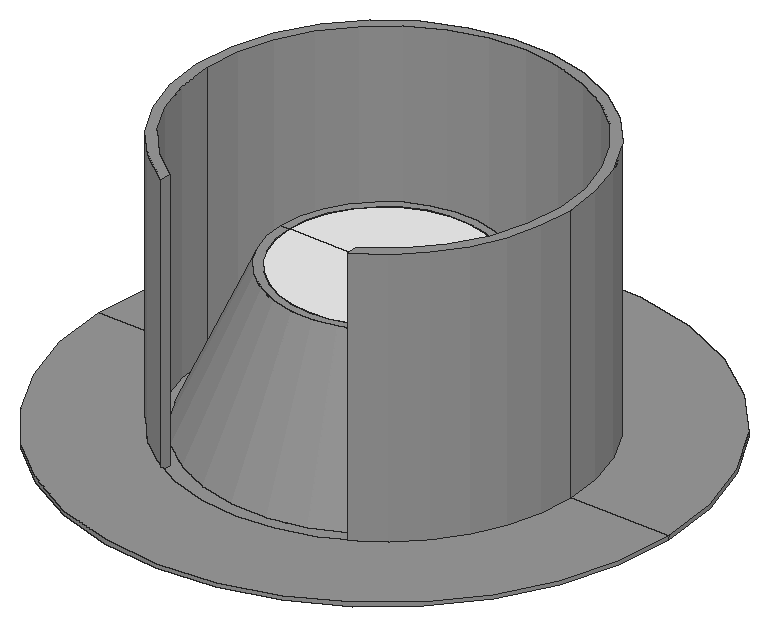
Revit family "Artemide_Tagora_Recessed_80", category Apparecchi per illuminazione, Revit 2018
Family settings
  Quota connettore circolare = Usa diametro
  Tipo di parte = Normale
  Basato su piano di lavoro = Sì
  Sempre verticale = Sì
  Taglio con vuoti quando caricato = Sì
  Sorgente d'illuminazione = Sì
  Condiviso = No
  Punto di calcolo locali = No
Parameters
  Wattage = 14 W
  built-in parameter 1150110 = 1 (stored number, unit not read)
  Voltage = "-"
  built-in parameter 1114217 = 1 (stored number, unit not read)
  Tilt Angle = 90.00°
  built-in parameter 1150109 = 1 (stored number, unit not read)
  built-in parameter 1150134 = (empty or 0)
  built-in parameter 1150113 = 1 (stored number, unit not read)
  Product Range = "Tagora"
  File diagramma fotometrico = "AB00216.IES"
  Max Height from ceiling = 0 mm
  M_Housing = Artemide_Aluminum_Orange
  M_Fixings = Artemide_Aluminum_Anodized
  M_Diffuser = Artemide_Glass_LightBulb
  built-in parameter 1150105 = 88.391 (stored number, unit not read)
  Lumens = 1110.76 lm
  built-in parameter 1150115 = 1 (stored number, unit not read)
  built-in parameter 1150137 = (empty or 0)
  built-in parameter 1150139 = (empty or 0)
  built-in parameter 1150112 = 1 (stored number, unit not read)
  built-in parameter 1150114 = 1 (stored number, unit not read)
  built-in parameter 1150132 = (empty or 0)
  built-in parameter 1150102 = (empty or 0)
  built-in parameter 1150107 = 3000 (stored number, unit not read)
  built-in parameter 1150138 = (empty or 0)
  built-in parameter 1150106 = 0.88391 (stored number, unit not read)
  IfcExportType = "NOT DEFINED"  # constant formula
  IfcExportAs = "IfcLightFixtureType"  # constant formula
  Weekly = "-"
  Warranty ID = "https://cloud.artemide.com/5-years-warranty"
  Upward Component  = 0
  Unified Glare Rating  = "-"
  Uniclass 2015 = "Pr_70_70_48"  # constant formula
  URL to O&M Manual = "https://www.artemide.com/contents/documenti/prodotto/tagora_incasso_80_instructions4118708.pdf"
  URL to Energy Technology List = "-"
  Trim Material = "Aluminium"
  Trim Finish = "Painted"
  Trim Colour  = "Orange"
  Total Power = 0
  Total Light Output  = 0
  Testing method = "-"
  Supply Phase = 0
  Suitable for Photocell Control = "-"
  Suitable for Motion Detector Control = "N"
  Suitable for Dimming  = "Y"
  Suitable Dimmer Type = "DALI PUSH"
  Standards = "-"
  Shipping Weight = 0
  Service life  = "-"
  Secondary Rated Lamp Life = 0
  Secondary Lamp Voltage = 0
  Secondary Lamp International Type Code = "-"
  Secondary Lamp Initial Lumens  = 0
  Secondary Lamp Included = "-"
  Secondary Lamp Efficacy = 0
  Secondary Lamp Colour Temperature = 0
  Secondary Lamp Colour Rendering Index = 0
  Secondary Lamp Cap = "-"
  Secondary Lamp = "-"
  Responsible Sourcing of Materials = "-"
  Responsible Extraction of Materials = "-"
  Rated Lamp Life = 50000
  Quarterly = "-"
  Product Model Number = "AB00216"
  Product Literature = "https://www.artemide.com/en/subfamily/1645517/tagora-recessed-80"
  Primary Lamp Type = "LED"
  Power Supply Kit = "-"
  Power Factor = 0
  Photocell = "-"
  Overall Width = 0
  Overall Light Output Ratio = 0
  Overall Length = 80
  Overall Height = 0
  Output Lumens Indirect light = 0
  Output Lumens Direct light = 1111
  Number of Secondary Lamps = 0
  Number of Primary Lamps = 1
  Number of Poles = 0
  Motion Sensor = "-"
  Motion Detector = "-"
  Monthly = "-"
  Minimum Operating Temperature = 0
  Maximum Operating Temperature = 0
  Material Ingredient Reporting = "-"
  Manufacturer Website = "https://www.artemide.com"
  Produttore = "Artemide"
  Maintenance Required: 8001-12000hrs  = "-"
  Maintenance Required: 601-1000hrs = "-"
  Maintenance Required: 4001-8000hrs  = "-"
  Maintenance Required: 301-600hrs  = "-"
  Maintenance Required: 2001-4000hrs  = "-"
  Maintenance Required: 1001-2000hrs  = "-"
  Maintenance Required: 0-300hrs  = "-"
  Luminance at 65deg Angle = 0
  Luminaire Type = "Downlight"
  Luminaire Maintenance Factor = 0
  Luminaire Cleaning Interval  = "-"
  Louvre/Lens = "-"
  Location of Manufacturer = "-"
  Light Output Pattern = "-"
  Light Fixture Mounting Type = "Recessed"
  Life Cycle Analysis = "-"
  Lamp Survival Factor = "-"
  Lamp Replacement Interval = "-"
  Lamp Included = "Y"
  Lamp Cap = "LED Integrated"
  LED lifetime = 60000
  LED Maintained Colour Variation         = 0
  LED Initial Colour Variation                      = 0
  International Type Code = "-"
  Intended Market = "Unset"
  Integral Fuse or Circuit Protection  = "-"
  Integral Emergency Lighting Battery Type = "-"
  Input Lumens Indirect light = 0
  Input Lumens Direct light = 1489
  Initial Lumens = 1111
  Infills = "-"
  IP Rating = "IP20"
  IK Rating = "-"
  IES Files  = "https://www.artemide.com/product/downloadFile/4118540/ieseu/4887947"
  Housing Material = "Aluminium"
  Housing Finish  = "Painted"
  Housing Colour  = "Orange"
  Hazardous Area Protection Type = "-"
  Hazardous Area Category = "-"
  Gross Weight = 0
  Green Guide for Specification = "-"
  Frequency  = 0
  Fixings = "-"
  Fire Shroud = "-"
  Fire Rating Duration = 0
  Fire Rated Temperature = 0
  Fire Rated = "-"
  Features = "Any additional components/accessories included in this file are required to complete the product/configuration and must be ordered separately.Please check the catalogue/dedicated brochure for more information"
  Face Width = 0
  Face Shape = "Circular"
  Face Length = 0
  External Control Line Voltage = 0
  Expected Life = "-"
  Environmental Product Declaration = "-"
  End Caps/Transition Caps/Joints = "-"
  Emit from Circle Diameter = 38.3 mm
  Rendi la forma visibile nel rendering = no
  Emergency light output percentage = 0
  Emergency Lighting Battery = "-"
  Emergency Charging Power       = 0
  Emergency = "N"
  Embodied Carbon  = 0
  Efficiency = 75
  built-in parameter 1150104 = 7.3709 (stored number, unit not read)
  Earth Point  = "-"
  ENEC Certification of European conformity = "N"
  Duration of Integral Emergency Lighting  = 0
  Drive Current                                          = 0
  Downward Component = 0
  Variazione temperatura colore lampada con luminosità attenuata = <Nessuno>
  Diffusing screen = "-"
  Designed by = "S./R. Cornelissen"
  Default Elevation = 1219.2 mm
  Daylight Sensor = "-"
  Daily = "-"
  Cut Out Width = 92
  Cut Out Length = 175
  Current  = 0
  Control Gear Type = "-"
  Control Gear Standby Power  = 0
  Control Gear Required = "-"
  Control Gear Location = "-"
  Column = "-"
  Colour Temperature = 3000
  Colour Rendering Index = 90
  Filtro dei colori = 16777215
  CE Approval = "Y"
  Bespoke Timeframe = "-"
  Beam Angle Transverse Axis  = 0.00°
  Beam Angle Longditudinal Axis  = 0.00°
  Basis of lifetime luminaire failures        = 0
  Basis of lifetime lumen depreciation   = 0
  built-in parameter 1114218 = 1 (stored number, unit not read)
  built-in parameter 1150133 = 10 (stored number, unit not read)
  Application Environment = "Internal"
  Annually = "-"
  Ambient Temperature                             = 0
  Air Handling = "-"
  Access Clearance Top = 0
  Access Clearance Right = 0
  Access Clearance Rear = 0
  Access Clearance Left = 0
  Access Clearance Front = 0
  Access Clearance Bottom = 0
  6 Monthly = "-"
Reference planes
  plane 1 "Center (Front/Back)": y = 0
  plane 2: z = 0
  plane 3 "Center (Left/Right)": x = 0
  plane 4 "Bottom Internal Cone": z = 1.522
  plane 5 "Middle Internal Cone": z = 32.718
  plane 6 "Top Internal Cone": z = 57.372
  plane 7 "Top External Disc": z = 2.335
  plane 8 "Top Lamp": z = 154.845
  plane 9 "Light": z = 46.648
  plane 10 "Center L/W": z = 30.718
Forms (mm)
  Revolve 1, solid, material "Artemide_Glass_LightBulb" <- "M_Diffuser"
    sketch origin (0, 0, 0) x (1, 0, 0) y (0, 0, 1)
      loop
        line (-20.233, 32.718) -> (-20.233, 30.718) -> (0, 30.718) -> (0, 32.718) -> (-20.233, 32.718)
      axis (0, 32.718) -> (0, 30.718)
    angle from 0 to 360
  Revolve 2, solid, material "Artemide_Aluminum_Orange" <- "M_Housing"
    sketch origin (0, 0, 0) x (1, 0, 0) y (0, 0, 1)
      loop
        line (-20.233, 32.718) -> (-21.953, 32.718) -> (-36.133, 1.522) -> (-40, 1.522) -> (-40, 0) -> (-35.105, 0) -> (-20.233, 32.718)
      axis (0, 32.718) -> (0, 0)
    angle from 0 to 360
  Revolve 3, solid, material "Artemide_Aluminum_Anodized" <- "M_Fixings"
    sketch origin (0, 0, 0) x (1, 0, 0) y (0, 0, 1)
      loop
        line (-40, 2.335) -> (-60.996, 2.335) -> (-60.996, 1.522) -> (-40, 1.522) -> (-40, 2.335)
      axis (0, 2.335) -> (0, 1.335)
    angle from 0 to 360
  Extrusion 4, solid, material "Artemide_Aluminum_Anodized" <- "M_Fixings"
    sketch origin (0, 0, 0) x (1, 0, 0) y (0, 1, 0)
      loop
        arc (-40, 0) -> (-34.646, -19.991) -> (-20.019, -34.63) r 40
        line (-20.019, -34.63) -> (-20.019, -32.299)
        arc (-20.019, -32.299) -> (-33.202, -18.484) -> (-38, 0) r 38
        arc (-38, 0) -> (0, 38) -> (38, 0) r 38
        arc (38, 0) -> (33.184, -18.516) -> (19.957, -32.338) r 38
        line (19.957, -32.338) -> (19.957, -34.666)
        arc (19.957, -34.666) -> (34.628, -20.022) -> (40, 0) r 40
        arc (40, 0) -> (0, 40) -> (-40, 0) r 40
    from 1.522 to 57.372
  Extrusion 5, void
    sketch origin (0, 0, 0) x (1, 0, 0) y (0, 1, 0)
      loop
        circle (0, 0) r 40
    from 0 to 154.845
Dimensions and locks
  locked: plane 4 "Bottom Internal Cone" to plane 2 at 1.522
  plane 6 "Top Internal Cone" to plane 9 "Light" to plane 5 "Middle Internal Cone" to plane 10 "Center L/W" to plane 4 "Bottom Internal Cone" = 10.724 mm locked, 13.93 mm locked, 2 mm locked, 29.197 mm locked
  locked: plane 7 "Top External Disc" to plane 4 "Bottom Internal Cone" at 0.814
  locked: plane 8 "Top Lamp" to plane 2 at 154.845
  aligned and locked: level to plane 2
  aligned and locked: Revolve 1 sketch curve to plane 3 "Center (Left/Right)"
  aligned and locked: plane 5 "Middle Internal Cone" to Revolve 2 sketch curve
  aligned and locked: plane 4 "Bottom Internal Cone" to Revolve 2 sketch curve  (x2)
  aligned and locked: Revolve 2 sketch curve to plane 4 "Bottom Internal Cone"
  aligned and locked: plane 2 to Revolve 2 sketch curve  (x3)
  aligned and locked: Revolve 2 sketch curve to plane 3 "Center (Left/Right)"
  aligned and locked: Revolve 3 sketch curve to plane 3 "Center (Left/Right)"
  aligned and locked: plane 7 "Top External Disc" to Revolve 3 sketch curve
  aligned and locked: Revolve 3 sketch curve to plane 4 "Bottom Internal Cone"
  aligned and locked: Extrusion 4 to plane 4 "Bottom Internal Cone"
  aligned and locked: plane 6 "Top Internal Cone" to Extrusion 4
  aligned and locked: plane 9 "Light" to imposter light
  aligned and locked: plane 3 "Center (Left/Right)" to imposter light
  aligned and locked: imposter light to plane 1 "Center (Front/Back)"
  aligned and locked: Extrusion 5 to plane 2
  aligned and locked: plane 8 "Top Lamp" to Extrusion 5
  aligned and locked: Revolve 1 sketch curve to plane 10 "Center L/W"
  aligned and locked: Revolve 1 sketch curve to plane 5 "Middle Internal Cone"
